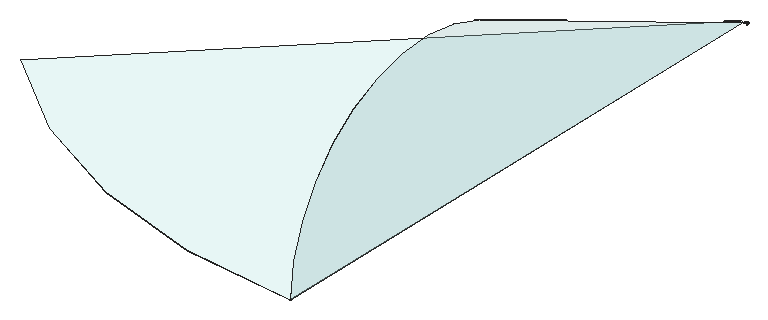
Revit family "Rotor XLR Series - IXLR24", category Acessórios do tubo, Revit 2020
Family settings
  Cota do conector redondo = Utilizar diâmetro
  Tipo de parte = Normal
  Número OmniClass = 23.60.30.11.14
  Título OmniClass = Pipework Fittings
  Com base no plano de trabalho = Não
  Sempre na vertical = Sim
  Corte com vazios quando carregada = Não
  Compartilhado = Não
Parameters (values of type "Nozzle 1.10")
  Water = Water
  URL = "https://www.rainbird.com/"
  TABLE 90 = "TABLE 90psi"
  TABLE 80 = "TABLE 80psi"
  TABLE 60 = "TABLE 60psi"
  TABLE 70 = "TABLE 70psi"
  TABLE 50 = "TABLE 50psi"
  TABLE 40 = "TABLE 40psi"
  TABLE 30 = "TABLE 30psi"
  TABLE 120 = "TABLE 120psi"
  TABLE 110 = "TABLE 110psi"
  TABLE 100 = "TABLE 100psi"
  SupportProjetos: Reviw Date = ""  # constant formula
  SupportProjetos: Reviw = "R00"  # constant formula
  SupportProjetos: Level of Detail = "LOD 300"  # constant formula
  SupportProjetos: Developed = "MICHEL SOARES MOTA"  # constant formula
  SupportProjetos: Creation Date = "14/08/2020"  # constant formula
  Side inlet = no
  Rotation Water Visibility [instance] = Pop up on  # yes
  Rotation Angle [instance] = 45.00°
  RainBird: Product Link = "https://www.rainbird.com/"
  RainBird: Description = "IXLR24 Rotor "  # constant formula
  RainBird: Comment [instance] = ""
  RainBird: Code = "IXLR24"  # constant formula
  Radius [instance] = if(and(Pressure = 30.0 psi, Instance < 10 ft), size_lookup(TABLE 30, "Radius", 0 ft, Instance), if(and(Pressure = 40.0 psi, Instance < 19 ft), size_lookup(TABLE 40, "Radius", 0 ft, Instance), if(and(Pressure = 50.0 psi, Instance < 19 ft), size_lookup(TABLE 50, "Radius", 0 ft, Instance), if(and(Pressure = 60.0 psi, Instance < 19 ft), size_lookup(TABLE 60, "Radius", 0 ft, Instance), if(and(Pressure = 70.0 psi, Instance < 19 ft), size_lookup(TABLE 70, "Radius", 0 ft, Instance), if(and(Pressure = 80.0 psi, Instance < 19 ft), size_lookup(TABLE 80, "Radius", 0 ft, Instance), if(and(Pressure = 90.0 psi, Instance < 19 ft), size_lookup(TABLE 90, "Radius", 0 ft, Instance), if(and(Pressure = 100.0 psi, Instance < 19 ft), size_lookup(TABLE 100, "Radius", 0 ft, Instance), if(and(Pressure = 110.0 psi, Instance < 19 ft), size_lookup(TABLE 100, "Radius", 0 ft, Instance), if(and(Pressure = 120.0 psi, Instance > 10 ft), size_lookup(TABLE 120, "Radius", 0 ft, Instance), 0 ft))))))))))  # 104 ft
  RT = 0.009893 ft
  RN = 0.044578 ft
  R5 = 0.03937 ft
  R4 = 0.052124 ft
  R3 = 0.065617 ft
  R2 = 0.088998 ft
  R1 = 0.032808 ft
  Pressure [instance] = 30.0 psi
  Pop up height = 0.164042 ft
  Pop up on [instance] = yes
  Modelo = "IXLR24"  # constant formula
  Instance = 9 ft
  H1 = Body height / 3  # 0.047351 ft
  Gray Plastic = Gray Plastic
  Flow [instance] = if(and(Pressure = 30.0 psi, Instance < 10 ft), size_lookup(TABLE 30, "Flow", 0.0 GPM, Instance), if(and(Pressure = 40.0 psi, Instance < 19 ft), size_lookup(TABLE 40, "Flow", 0.0 GPM, Instance), if(and(Pressure = 50.0 psi, Instance < 19 ft), size_lookup(TABLE 50, "Flow", 0.0 GPM, Instance), if(and(Pressure = 60.0 psi, Instance < 19 ft), size_lookup(TABLE 60, "Flow", 0.0 GPM, Instance), if(and(Pressure = 70.0 psi, Instance < 19 ft), size_lookup(TABLE 70, "Flow", 0.0 GPM, Instance), if(and(Pressure = 80.0 psi, Instance < 19 ft), size_lookup(TABLE 80, "Flow", 0.0 GPM, Instance), if(and(Pressure = 90.0 psi, Instance < 19 ft), size_lookup(TABLE 90, "Flow", 0.0 GPM, Instance), if(and(Pressure = 100.0 psi, Instance < 19 ft), size_lookup(TABLE 100, "Flow", 0.0 GPM, Instance), if(and(Pressure = 110.0 psi, Instance < 19 ft), size_lookup(TABLE 100, "Flow", 0.0 GPM, Instance), if(and(Pressure = 120.0 psi, Instance > 10 ft), size_lookup(TABLE 120, "Flow", 0.0 GPM, Instance), 0.0 GPM))))))))))  # 189.0 GPM
  Fabricante = "Rain Bird"
  Elevação padrão = 0 ft
  Description = RainBird: Description  # "IXLR24 Rotor "
  DD13 = 0.002625 ft
  DD12 = 0.003937 ft
  DD11 = 0.009897 ft
  DD10 = 0.016404 ft
  DD8 [instance] = if(Pop up on, Pop up height, 0 ft)  # 0.164042 ft
  DD7 = 0.019685 ft
  DD6 [instance] = 0.016404 ft
  DD5 = 0.065617 ft
  DD4 = 0.82021 ft
  DD3 = 0.044055 ft
  DD2 [instance] = 0.024514 ft
  DD9 [instance] = if(Pop up on, Pop up height + 0.049541 ft, 0.026247 ft)  # 0.213583 ft
  DD1 = 0.006562 ft
  DD = 0.492126 ft
  Conection = 0.062664 ft  # constant formula
  Cobre = Cobre
  Body height = 0.142054 ft
  Blue = Blue Plastic
  Black Plastic = Black Plastic
  Angle = 24.00°
Types (10, lengths in ft): name | Radius | Instance | Flow | Angle
  (no name) | 104 | 9 | 189.0 GPM | 24.00°
  Nozzle 0.47 | 81 | 1 | 35.0 GPM | 25.00°
  Nozzle 0.55 | 88 | 2 | 48.0 GPM | 25.00°
  Nozzle 0.63 | 96 | 3 | 62.0 GPM | 25.00°
  Nozzle 0.71 | 98 | 4 | 78.0 GPM | 25.00°
  Nozzle 0.79 | 99 | 5 | 97.0 GPM | 25.00°
  Nozzle 0.87 | 101 | 6 | 117.0 GPM | 25.00°
  Nozzle 0.94 | 102 | 7 | 139.0 GPM | 25.00°
  Nozzle 1.02 | 103 | 8 | 164.0 GPM | 25.00°
  Nozzle 1.10 | 104 | 9 | 189.0 GPM | 24.00°
Reference planes (ft)
  plane 1 "Centro (Frente/Trás)": y = 0
  plane 2: z = 0
  plane 3 "Centro (Esquerda/Direita)": x = 0
  plane 4: z = 0.003937
  plane 5: z = 0.002625
  plane 6: y = -0.065617
Forms (ft)
  Revolve 1, solid, material "Cobre" <- "Cobre"
    sketch origin (0, 0, 0) x (1, 0, 0) y (0, 0, 1)
      loop
        line (0.088998, -0.044055) -> (0.088998, -0.016154) -> (0.110538, -0.016154) -> (0.110538, 0.02344)
        arc (0.110538, 0.02344) -> (0.108361, 0.028697) -> (0.103103, 0.030875) r 0.007435
        line (0.103103, 0.030875) -> (0.088998, 0.030875) -> (0.088998, 0.041745) -> (0.075211, 0.041745) -> (0.075211, 0.046088) -> (0.006562, 0.046088) -> (0.006562, -0.044055) -> (0.03937, -0.044055) -> (0.03937, -0.051181) -> (0.019685, -0.051181) -> (0.019685, -0.138545) -> (0.044578, -0.138545) -> (0.044578, -0.142054) -> (0.052124, -0.142054) -> (0.052124, -0.138545) -> (0.073088, -0.138545)
        arc (0.073088, -0.138545) -> (0.080084, -0.135647) -> (0.082981, -0.128652) r 0.009893
        line (0.082981, -0.128652) -> (0.082981, -0.044055) -> (0.088998, -0.044055)
      axis (0, -0.142054) -> (0, 0.046088)
    angle from 0 to 360
  Extrusion 2, solid, material "Water" <- "Water", visible <- "Rotation Water Visibility"
    sketch origin (0, 0, 0) x (0, 1, 0) y (0, 0, 1)
      loop
        line (-0.82021, 0.494751) -> (-61.375696, 27.45579)
        arc (-61.375696, 27.45579) -> (-90.239007, 25.482231) -> (-104.82021, 0.494751) r 30.901722
        line (-104.82021, 0.494751) -> (-0.82021, 0.494751)
    from -0.008202 to 0.008202
  Extrusion 3, solid, material "Gray Plastic" <- "Gray Plastic", visible <- "Pop up on"
    sketch origin (-0.00137, -0.002795, -0.035698) x (-0.00469, 0.999989, 0) y (0, 0, 1)
      loop
        line (-0.060666, 0.164299) -> (-0.067193, 0.150302) -> (-0.091523, 0.174632) -> (-0.076533, 0.180087) -> (-0.173316, 0.23824) -> (-0.173316, 0.217407) -> (-0.777521, 0.499153) -> (-0.786354, 0.485017)
        arc (-0.786354, 0.485017) -> (-0.787942, 0.475525) -> (-0.782353, 0.46769) r 0.012575
        line (-0.782353, 0.46769) -> (-0.563338, 0.330834) -> (-0.571008, 0.316408) -> (-0.564625, 0.307292)
        arc (-0.564625, 0.307292) -> (-0.552881, 0.296049) -> (-0.537729, 0.290157) r 0.041667
        line (-0.537729, 0.290157) -> (-0.503282, 0.284083) -> (-0.499035, 0.292071) -> (-0.201965, 0.134116) -> (-0.233075, 0.094297) -> (-0.213694, 0.081224) -> (-0.155969, 0.155109)
        arc (-0.155969, 0.155109) -> (-0.142811, 0.162859) -> (-0.127902, 0.159554) r 0.020833
        line (-0.127902, 0.159554) -> (-0.062866, 0.115687) -> (-0.062866, 0.094673) -> (-0.085994, 0.088245) -> (-0.070938, 0.081224) -> (0.037968, 0.081224) -> (0.040501, 0.065363) -> (0.040501, 0.035698) -> (0.04524, 0.035698) -> (0.050298, 0.081224) -> (0.050298, 0.100559) -> (0.072978, 0.106863)
        arc (0.072978, 0.106863) -> (0.078924, 0.117387) -> (0.068401, 0.123333) r 0.008547
        line (0.068401, 0.123333) -> (0.050298, 0.110657) -> (0.050298, 0.157737)
        arc (0.050298, 0.157737) -> (0.048376, 0.162377) -> (0.043737, 0.164299) r 0.006562
        line (0.043737, 0.164299) -> (-0.060666, 0.164299)
      loop
        line (-0.034211, 0.143466) -> (-0.034211, 0.125376) -> (-0.014598, 0.11623) -> (0.01821, 0.11623) -> (0.040501, 0.108117) -> (0.040501, 0.143466) -> (-0.034211, 0.143466)
      loop
        line (-0.034211, 0.107286) -> (-0.014889, 0.094253) -> (0.040501, 0.094253) -> (0.040501, 0.104202) -> (0.016551, 0.106863) -> (-0.016257, 0.106863) -> (-0.034211, 0.118973) -> (-0.034211, 0.107286)
      loop
        line (-0.489598, 0.297212) -> (-0.199671, 0.149812) -> (-0.182085, 0.167398)
        arc (-0.182085, 0.167398) -> (-0.179498, 0.175243) -> (-0.184266, 0.18199) r 0.009177
        line (-0.184266, 0.18199) -> (-0.471989, 0.334974) -> (-0.489598, 0.297212)
    from -0.012219 to 0.012755
  Blend 4, solid, material "Gray Plastic" <- "Gray Plastic"
    base sketch origin (0, 0, 0.06238) x (1, 0, 0) y (0, 0, 1)
      loop
        circle (-0.001423, 0.087635) r 0.041667
    top sketch origin (0, 0, 0.06238) x (1, 0, 0) y (0, 0, 1)
      loop
        circle (0.000866, 0.336735) r 0.028016
    from 0 to 0.579976
  Extrusion 5, solid, material "Black Plastic" <- "Black Plastic"
    sketch origin (0, 0, 0) x (0, 1, 0) y (0, 0, 1)
      loop
        line (-0.579976, 0.3711) -> (-0.579976, 0.426781) -> (-0.609736, 0.440658) -> (-0.644818, 0.440658) -> (-0.696216, 0.454431) -> (-0.70502, 0.435549) -> (-0.648376, 0.409136) -> (-0.579976, 0.3711)
      loop
        line (-0.780261, 0.463406) -> (-0.726759, 0.438458) -> (-0.737248, 0.463167) -> (-0.776875, 0.476043) -> (-0.780261, 0.463406)
    from -0.0135 to 0.012198
  Extrusion 6, solid, material "Black Plastic" <- "Black Plastic"
    sketch origin (0, 0, 0) x (1, 0, 0) y (0, 1, 0)
      loop
        line (-0.048613, 0.053206) -> (-0.048613, -0.057819) -> (0.046082, -0.057819) -> (0.046082, 0.053206) -> (-0.048613, 0.053206)
      loop
        line (-0.013931, 0.047562) -> (-0.013931, -0.04228) -> (0.011642, -0.04228) -> (0.011642, 0.047562) -> (-0.013931, 0.047562)
    from 0.107768 to 0.175306
Dimensions and locks (ft)
  "Body height": level to Revolve 1 sketch curve
  "R2": Revolve 1 sketch curve to plane 3 "Centro (Esquerda/Direita)"
  "DD3": level to Revolve 1 sketch curve
  Revolve 1 sketch curve to plane 3 "Centro (Esquerda/Direita)" = 0.082981 ft
  "R4": Revolve 1 sketch curve to plane 3 "Centro (Esquerda/Direita)"
  "RN": Revolve 1 sketch curve to plane 3 "Centro (Esquerda/Direita)"
  "DD7": Revolve 1 sketch curve to plane 3 "Centro (Esquerda/Direita)"
  "DD12": plane 4 to level
  "DD13": plane 5 to level
  "R3": plane 6 to plane 1 "Centro (Frente/Trás)"
  "DD4": plane 1 "Centro (Frente/Trás)" to Extrusion 2 sketch curve
  "Radius": Extrusion 2 sketch curve to Extrusion 2 sketch curve
  equal spacing: Extrusion 2, plane 3 "Centro (Esquerda/Direita)", Extrusion 2
  "DD6": Extrusion 2 to Extrusion 2
  "DD": Extrusion 2 sketch curve to plane 5
  "RT": radius of Revolve 1 sketch curve
  "Angle": angle Extrusion 2 sketch curve to Extrusion 2 sketch curve
  aligned and locked: level to plane 2
  aligned and locked: Revolve 1 sketch curve to Revolve 1 sketch curve
Automatic sketch dimensions
  Blend 4 sketch curve to plane 3 "Centro (Esquerda/Direita)" = 0.001423 ft
  plane 4 to Blend 4 sketch curve = 0.146078 ft
  plane 3 "Centro (Esquerda/Direita)" to Blend 4 sketch curve = 0.000866 ft
  plane 4 to Blend 4 sketch curve = 0.395179 ft
  Extrusion 5 sketch curve to plane 6 = 0.711258 ft
  Extrusion 5 sketch curve to Extrusion 5 sketch curve = 0.039627 ft
  Extrusion 5 sketch curve to Extrusion 5 sketch curve = 0.032227 ft
  plane 4 to Extrusion 5 sketch curve = 0.450494 ft
  Extrusion 5 sketch curve to Extrusion 5 sketch curve = 0.008805 ft
  Extrusion 5 sketch curve to Extrusion 5 sketch curve = 0.056644 ft
  Extrusion 5 sketch curve to Extrusion 5 sketch curve = 0.003558 ft
  Extrusion 5 sketch curve to Extrusion 5 sketch curve = 0.035082 ft
  Extrusion 5 sketch curve to Extrusion 5 sketch curve = 0.02976 ft
  Extrusion 5 sketch curve to Extrusion 5 sketch curve = 0.013772 ft
  Extrusion 5 sketch curve to Extrusion 5 sketch curve = 0.018881 ft
  Extrusion 5 sketch curve to Extrusion 5 sketch curve = 0.013877 ft
  Extrusion 5 sketch curve to Extrusion 5 sketch curve = 0.055681 ft
  Extrusion 5 sketch curve to Extrusion 5 sketch curve = 0.008737 ft
  Extrusion 5 sketch curve to Extrusion 5 sketch curve = 0.012876 ft
  Extrusion 5 sketch curve to Extrusion 5 sketch curve = 0.003386 ft
  Extrusion 5 sketch curve to Extrusion 5 sketch curve = 0.021739 ft
  Extrusion 5 sketch curve to Extrusion 5 sketch curve = 0.002909 ft
  Extrusion 5 sketch curve to Extrusion 5 sketch curve = 0.012637 ft
  level to Extrusion 3 sketch curve = 0 ft
  plane 4 to Extrusion 3 sketch curve = 0.445383 ft
  plane 4 to Extrusion 3 sketch curve = 0.428055 ft
  Extrusion 3 sketch curve to Extrusion 3 sketch curve = 0.004 ft
  plane 4 to Extrusion 3 sketch curve = 0.459518 ft
  Extrusion 3 sketch curve to Extrusion 3 sketch curve = 0.008833 ft
  Extrusion 3 sketch curve to Extrusion 3 sketch curve = 0.010664 ft
  plane 4 to Extrusion 3 sketch curve = 0.276773 ft
  Extrusion 3 sketch curve to Extrusion 3 sketch curve = 0.211345 ft
  plane 4 to Extrusion 3 sketch curve = 0.267657 ft
  Extrusion 3 sketch curve to Extrusion 3 sketch curve = 0.006383 ft
  plane 4 to Extrusion 3 sketch curve = 0.291199 ft
  Extrusion 3 sketch curve to Extrusion 3 sketch curve = 0.00767 ft
  plane 4 to Extrusion 3 sketch curve = 0.250523 ft
  Extrusion 3 sketch curve to Extrusion 3 sketch curve = 0.026896 ft
  Extrusion 3 sketch curve to Extrusion 3 sketch curve = 0.032844 ft
  plane 4 to Extrusion 3 sketch curve = 0.244449 ft
  Extrusion 3 sketch curve to Extrusion 3 sketch curve = 0.034447 ft
  plane 4 to Extrusion 3 sketch curve = 0.252436 ft
  Extrusion 3 sketch curve to Extrusion 3 sketch curve = 0.004247 ft
  plane 4 to Extrusion 3 sketch curve = 0.257577 ft
  Extrusion 3 sketch curve to Extrusion 3 sketch curve = 0.009437 ft
  plane 4 to Extrusion 3 sketch curve = 0.29534 ft
  Extrusion 3 sketch curve to Extrusion 3 sketch curve = 0.017609 ft
  plane 4 to Extrusion 3 sketch curve = 0.054662 ft
  Extrusion 3 sketch curve to Extrusion 3 sketch curve = 0.256523 ft
  plane 4 to Extrusion 3 sketch curve = 0.041589 ft  (x2)
  Extrusion 3 sketch curve to Extrusion 3 sketch curve = 0.019381 ft
  plane 4 to Extrusion 3 sketch curve = 0.094481 ft
  plane 4 to Extrusion 3 sketch curve = 0.110178 ft
  Extrusion 3 sketch curve to Extrusion 3 sketch curve = 0.002294 ft
  Extrusion 3 sketch curve to Extrusion 3 sketch curve = 0.011097 ft
  plane 4 to Extrusion 3 sketch curve = 0.142355 ft
  Extrusion 3 sketch curve to Extrusion 3 sketch curve = 0.004308 ft
  plane 4 to Extrusion 3 sketch curve = 0.127763 ft
  Extrusion 3 sketch curve to Extrusion 3 sketch curve = 0.006489 ft
  Extrusion 3 sketch curve to Extrusion 3 sketch curve = 0.01095 ft
  plane 4 to Extrusion 3 sketch curve = 0.115474 ft
  Extrusion 3 sketch curve to Extrusion 3 sketch curve = 0.026117 ft
  Extrusion 3 sketch curve to Extrusion 3 sketch curve = 0.016417 ft
  plane 4 to Extrusion 3 sketch curve = 0.119919 ft
  Extrusion 3 sketch curve to Extrusion 3 sketch curve = 0.01165 ft
  plane 4 to Extrusion 3 sketch curve = 0.134997 ft
  Extrusion 3 sketch curve to Extrusion 3 sketch curve = 0.036379 ft
  plane 4 to Extrusion 3 sketch curve = 0.04861 ft
  Extrusion 3 sketch curve to Extrusion 3 sketch curve = 0.053557 ft
  plane 4 to Extrusion 3 sketch curve = 0.140453 ft
  Extrusion 3 sketch curve to Extrusion 3 sketch curve = 0.01499 ft
  Extrusion 3 sketch curve to Extrusion 3 sketch curve = 0.015057 ft
  plane 4 to Extrusion 3 sketch curve = 0.110667 ft
  Extrusion 3 sketch curve to Extrusion 3 sketch curve = 0.00934 ft
  plane 4 to Extrusion 3 sketch curve = 0.055039 ft
  Extrusion 3 sketch curve to Extrusion 3 sketch curve = 0.008072 ft
  plane 4 to Extrusion 3 sketch curve = 0.124664 ft
  Extrusion 3 sketch curve to Extrusion 3 sketch curve = 0.006527 ft
  plane 4 to Extrusion 3 sketch curve = 0.067651 ft
  Extrusion 3 sketch curve to Extrusion 3 sketch curve = 0.028655 ft
  Extrusion 3 sketch curve to Extrusion 3 sketch curve = 0 ft  (x3)
  plane 4 to Extrusion 3 sketch curve = 0.067228 ft  (x2)
  Extrusion 3 sketch curve to Extrusion 3 sketch curve = 0.017953 ft
  Extrusion 3 sketch curve to Extrusion 3 sketch curve = 0.001369 ft
  Extrusion 3 sketch curve to Extrusion 3 sketch curve = 0.001659 ft  (x2)
  Extrusion 3 sketch curve to Extrusion 3 sketch curve = 0.031149 ft
  Extrusion 3 sketch curve to Extrusion 3 sketch curve = 0.021417 ft
  plane 4 to Extrusion 3 sketch curve = 0.025729 ft
  Extrusion 3 sketch curve to Extrusion 3 sketch curve = 0.002534 ft  (x2)
  Extrusion 3 sketch curve to Extrusion 3 sketch curve = 0.022291 ft
  Extrusion 3 sketch curve to Extrusion 3 sketch curve = 0.003235 ft
  Extrusion 3 sketch curve to Extrusion 3 sketch curve = 0.004739 ft
  plane 4 to Extrusion 3 sketch curve = 0.071023 ft
  Extrusion 3 sketch curve to Extrusion 3 sketch curve = 0.009797 ft
  plane 4 to Extrusion 3 sketch curve = 0.060925 ft
  plane 4 to Extrusion 3 sketch curve = 0.083698 ft
  Extrusion 3 sketch curve to Extrusion 3 sketch curve = 0.018102 ft
  Extrusion 3 sketch curve to Extrusion 3 sketch curve = 0.002289 ft  (x2)
  Extrusion 3 sketch curve to Extrusion 3 sketch curve = 0.006306 ft
  Extrusion 3 sketch curve to Extrusion 3 sketch curve = 0.009949 ft
  Extrusion 3 sketch curve to Extrusion 3 sketch curve = 0.003915 ft
  Extrusion 3 sketch curve to Extrusion 3 sketch curve = 0.021013 ft
  Extrusion 3 sketch curve to Extrusion 3 sketch curve = 0.009367 ft
  Extrusion 3 sketch curve to Extrusion 3 sketch curve = 0.011687 ft
  Extrusion 3 sketch curve to Extrusion 3 sketch curve = 0.006403 ft
  Extrusion 3 sketch curve to Extrusion 3 sketch curve = 0.01809 ft
  Extrusion 3 sketch curve to Extrusion 3 sketch curve = 0.035417 ft
  Extrusion 3 sketch curve to Extrusion 3 sketch curve = 0.020833 ft
  plane 6 to Extrusion 6 sketch curve = 0.007798 ft
  Extrusion 6 sketch curve to plane 3 "Centro (Esquerda/Direita)" = 0.048613 ft
  Extrusion 6 sketch curve to plane 3 "Centro (Esquerda/Direita)" = 0.013931 ft
  plane 3 "Centro (Esquerda/Direita)" to Extrusion 6 sketch curve = 0.011642 ft
  Extrusion 6 sketch curve to Extrusion 6 sketch curve = 0.034439 ft
  plane 6 to Extrusion 6 sketch curve = 0.023337 ft
  Extrusion 6 sketch curve to plane 1 "Centro (Frente/Trás)" = 0.047562 ft
  Extrusion 6 sketch curve to Extrusion 6 sketch curve = 0.005644 ft
  Revolve 1 sketch curve to plane 3 "Centro (Esquerda/Direita)" = 0 ft
  plane 3 "Centro (Esquerda/Direita)" to Revolve 1 sketch curve = 0.006562 ft
  Revolve 1 sketch curve to Revolve 1 sketch curve = 0.019685 ft
  Revolve 1 sketch curve to Revolve 1 sketch curve = 0.013787 ft  (x2)
  Revolve 1 sketch curve to Revolve 1 sketch curve = 0.014105 ft
  Revolve 1 sketch curve to Revolve 1 sketch curve = 0.007435 ft
  Revolve 1 sketch curve to Revolve 1 sketch curve = 0.003509 ft
  Revolve 1 sketch curve to level = 0.051181 ft
  Revolve 1 sketch curve to Revolve 1 sketch curve = 0.007127 ft
  Revolve 1 sketch curve to level = 0.016154 ft
  plane 4 to Revolve 1 sketch curve = 0.019503 ft
  Revolve 1 sketch curve to Revolve 1 sketch curve = 0.010871 ft
  Revolve 1 sketch curve to Revolve 1 sketch curve = 0.004343 ft
  Revolve 1 sketch curve to Revolve 1 sketch curve = 0.074191 ft
  Revolve 1 sketch curve to Revolve 1 sketch curve = 0.918635 ft
  Extrusion 2 sketch curve to level = 0.774337 ft
  radius of Blend 4 sketch curve = 0.041667 ft
  radius of Blend 4 sketch curve = 0.028016 ft
Nested families (ft)
  nested 1: "Water" at (0.00015, 0, 0.375492) x (0, -1, 0) z (0, 0, 1), DT9 <- "DD4", Radius <- "Radius", visible <- "Rotation Water Visibility", Rotation Angle <- "Rotation Angle", type "Water"
    with Rotation Angle 45.00°, Radius 104 ft, DT9 0.82021 ft, DT8 0 ft, DT7 416 ft, DT4 520 ft, Angle 2 315.00°
Connectors (ft)
  piping at (0, 0, -0.142054), diameter 2
    settings: on Revolve 1, index 1, connector inside diameter 609.6 mm, connector length 0 ft, flow factor 0, pipe flow 0.0 GPM, pressure drop 0.0 psi, fitting loss kfactor 0, connector angle 0.00°, fixture units 0, engagement length 0 ft, angle of deflection 0.00°, flow configuration 0, flow direction 0, fitting loss method 0, system type 28, joint type 0, gender type 0, connector reference index -1, connector utility 0, adjustable connector no, is connector primary yes, connector description ""
Definition of nested family "Water"
  Parameters (values of type "Water")
    Water Visibility (Circle) = yes
    Water = none
    URL = ""
    SupportProjetos: Reviw Date = ""  # constant formula
    SupportProjetos: Level of Detail = "LOD 300"  # constant formula
    SupportProjetos: Developed = "MICHEL SOARES MOTA"  # constant formula
    SupportProjetos: Creation Date = "16/07/2020"  # constant formula
    Rotation Angle [instance] = 90.00°
    Reviw = "R00"  # constant formula
    Radius [instance] = 14 ft
    Model = ""
    Default Elevation = 4 ft
    Description = ""
    DT9 [instance] = 0.032808 ft
    DT8 [instance] = if(Rotation Angle = 360.00°, 10 ft, 0 ft)  # 0 ft
    DT7 [instance] = 4 * Radius  # 56 ft
    DT4 [instance] = 5 * Radius  # 70 ft
    DT2 = 0.098425 ft  # constant formula
    DT6 = 0 ft
    Angle 2 [instance] = if(Rotation Angle = 360.00°, 180.00°, 360.00° - Rotation Angle)  # 270.00°
  Reference planes (ft)
    plane 1 "Centro (Frente/Trás)": y = 0
    plane 2: z = 0
    plane 3 "Centro (Esquerda/Direita)": x = 0
  Forms (ft)
    Revolve 1, solid, material <- "Water", visible <- "Water Visibility (Circle)"
      sketch origin (0, 0, 0) x (1, 0, 0) y (0, 0, 1)
        loop
          line (0.032808, 0.098425) -> (14.032808, 0.098425) -> (14.032808, 0.119259) -> (0.032808, 0.119259) -> (0.032808, 0.098425)
        axis (0, 0.098425) -> (0, 0.119259)
      angle from 0 to 360
    Extrusion 2, void
      sketch origin (0, 0, 0) x (1, 0, 0) y (0, 1, 0)
        loop
          line (0, 0) -> (70, 0) -> (70, 56)
          arc (70, 56) -> (-70.459018, 51.588344) -> (0, -70) r 81.847109
          line (0, -70) -> (0, 0)
      from 0 to 15.189231
  Cuts and joins
    Extrusion 2 cuts Revolve 1
  Dimensions and locks (ft)
    "DT2": Revolve 1 sketch curve to level
    "DT4": Extrusion 2 sketch curve to Extrusion 2 sketch curve  (x2)
    "DT6": Extrusion 2 sketch curve to plane 3 "Centro (Esquerda/Direita)"
    "DT7": Extrusion 2 sketch curve to Extrusion 2 sketch curve
    "DT8": cut or joined group of Revolve 1, Extrusion 2 to level
    "Radius": Revolve 1 sketch curve to Revolve 1 sketch curve
    "DT9": Revolve 1 sketch curve to plane 3 "Centro (Esquerda/Direita)"
    "Angle 2": angle Extrusion 2 sketch curve to Extrusion 2 sketch curve
    aligned and locked: level to plane 2
    aligned and locked: plane 1 "Centro (Frente/Trás)" to Extrusion 2 sketch curve
  Automatic sketch dimensions
    plane 3 "Centro (Esquerda/Direita)" to Extrusion 2 sketch curve = 1.088227 ft
    Revolve 1 sketch curve to plane 3 "Centro (Esquerda/Direita)" = 0 ft
    Revolve 1 sketch curve to Revolve 1 sketch curve = 0.020833 ft
    Revolve 1 sketch curve to Revolve 1 sketch curve = 0.032113 ft
    Revolve 1 sketch curve to Revolve 1 sketch curve = 10.2693 ft
